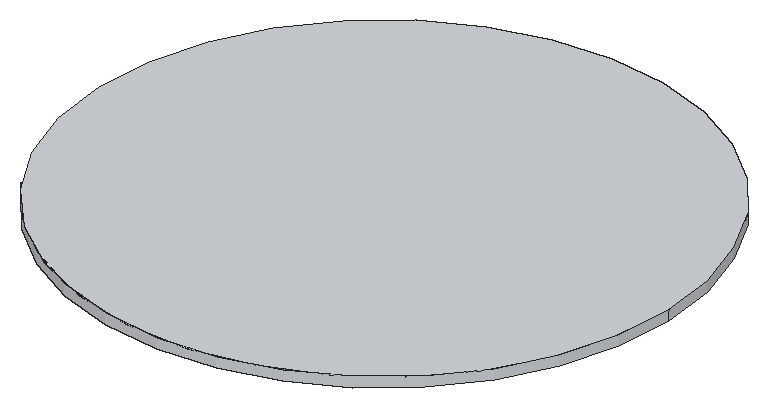
Revit family "CITY", category Lighting Fixtures, host Face, Revit 2023 (continued)
Types (10, lengths in mm): name | Radio | Photometric Web File | built-in parameter 1150142 | Manufacturer | LuxLight_Watios | LuxLight_Temperatura | LuxLight_Lumenes
    56 61.151314 55.808365 50.67062 45.540474 40.205124 35.135784 29.823235 24.837496 20.186165 15.02562 10.6783 6.77939 3.412496 2.14326 1.512442 1.102031 0.820823 0.668819 0.630818 0.623217\r\n 0.638418 0.653618 0.668819 0.69922 0.69922 0.744821 0.820823 0.851224 0.851224 0.858824 0.889225 0.919626 0.927226 0.950027 0.988028 0.995628 1.041229 1.07923 1.102031 1.140032 1.140032 1.162832 1.200834 1.231234 1.261635 1.284436\r\n 1.322437 1.337637 1.360438 1.43644 1.44404 1.482041 1.497242 1.527643 1.565644 1.580844 1.603645 1.634046 1.656846 1.672047 1.710048 1.755649 1.79365 1.824051 1.877253 1.884853 1.884853 1.930454 1.976055 2.006456 2.029257 2.052058\r\n 2.090059 2.082458 2.112859 2.12806 2.12806 2.181261 2.196461 2.226862 2.257263 2.264863 2.302865 2.287664 2.295264 2.310465 2.333265 2.333265 2.386467 2.378867 2.378867 2.416868 2.447269 2.447269 2.454869 2.462469 2.477669 2.477669\r\n 2.50807 2.50807 2.523271 2.515671 2.515671 2.546071 2.546071 2.523271 2.553672 2.546071 2.568872 2.530871\r\n276.611633 276.20694 276.085327 275.819336 275.507721 275.066895 274.527283 273.957245 273.204865 272.40683 271.441589 270.369965 269.321136 268.112701 266.805481 265.369049 263.788177 262.283356 260.634094 258.764465 256.902405 254.96434\r\n 252.859085 250.71582 248.367355 246.178497 243.792038 241.207962 238.654282 235.956207 233.204926 230.461258 227.413574 224.601486 221.622208 218.338913 215.177231 211.909134 208.405441 204.985336 201.246033 197.719543 194.193054\r\n 190.14212 186.570038 182.351913 178.582199 174.592102 170.161163 166.034256 162.021332 157.354813 153.250687 148.492966 144.107651 139.851517 134.918991 130.586868 125.920326 121.05619 116.328857 111.396324 106.608185 101.797256 96.758308\r\n 91.856171 87.007233 81.839088 77.058556 71.533203 66.65387 61.599724 56.233974 51.141834 46.072491 40.737141 35.690601 30.416052 25.673519 20.839783 15.71724 11.42312 7.463409 3.5645 2.15086 1.527643 1.109631 0.843624 0.691619 0.661219\r\n 0.668819 0.691619 0.70682 0.71442 0.71442 0.737221 0.775222 0.820823 0.828423 0.866424 0.881625 0.889225 0.904425 0.934826 0.965227 0.972827 1.010828 1.026029 1.048829 1.07923 1.109631 1.124831 1.162832 1.185633 1.223634 1.231234\r\n 1.284436 1.299636 1.345238 1.368038 1.406039 1.459241 1.474441 1.497242 1.527643 1.550443 1.565644 1.596045 1.634046 1.664447 1.710048 1.740449 1.755649 1.79365 1.808851 1.862052 1.915254 1.892453 1.938054 1.968455 1.998856 1.998856\r\n 2.044457 2.074858 2.105259 2.120459 2.14326 2.15086 2.158461 2.188861 2.181261 2.188861 2.196461 2.219262 2.234463 2.264863 2.295264 2.295264 2.333265 2.310465 2.340866 2.371267 2.409267 2.409267 2.424468 2.439668 2.439668 2.454869\r\n 2.49287 2.462469 2.462469 2.462469 2.477669 2.50807 2.49287 2.49287 2.530871 2.515671 2.523271 2.546071 2.530871\r\n276.611633 276.404541 276.320953 276.108124 275.781311 275.370911 274.838898 274.177704 273.417664 272.650024 271.791199 270.613159 269.609924 268.447113 267.048676 265.718658 264.107391 262.587341 260.930511 259.121674 257.343201\r\n 255.374756 253.140289 251.187027 248.815781 246.444504 244.080841 241.511963 238.9431 236.427429 233.539352 230.833664 227.702377 224.882706 221.819809 218.589722 215.443237 212.099136 208.633438 205.175354 201.534851 198.091949 194.641449\r\n 190.529739 186.699234 182.655914 178.734207 174.911301 170.487976 166.38385 162.135345 157.71962 153.3647 148.766571 144.373642 139.919922 135.207779 130.632462 126.019135 121.132195 116.420059 111.434319 106.554985 101.918854 96.59111\r\n 91.871368 86.87043 81.436279 76.610146 71.069588 66.228256 61.120914 55.808365 50.799824 45.80648 40.600338 35.895805 30.522455 25.916727 21.128592 16.142853 12.061538 8.117027 4.64373 2.333265 1.588444 1.178033 0.881625 0.72962 0.676419\r\n 0.661219 0.676419 0.69922 0.69922 0.737221 0.72962 0.737221 0.767622 0.813223 0.828423 0.858824 0.881625 0.904425 0.927226 0.965227 0.972827 1.003228 0.995628 1.041229 1.102031 1.117231 1.147632 1.178033 1.200834 1.238835 1.254035\r\n 1.299636 1.307237 1.322437 1.345238 1.383239 1.398439 1.44404 1.474441 1.512442 1.520043 1.512442 1.527643 1.580844 1.596045 1.618845 1.664447 1.679647 1.710048 1.77845 1.808851 1.79365 1.824051 1.862052 1.900053 1.922854 1.960855\r\n 2.006456 2.006456 2.029257 2.006456 2.014056 2.052058 2.074858 2.12806 2.158461 2.166061 2.196461 2.219262 2.234463 2.257263 2.264863 2.264863 2.310465 2.333265 2.340866 2.386467 2.378867 2.401667 2.409267 2.424468 2.439668 2.454869\r\n 2.49287 2.477669 2.49287 2.49287 2.50807 2.515671 2.515671 2.515671 2.50807 2.530871 2.523271 2.530871 2.530871\r\n276.611633 276.564148 276.472961 276.20694 275.940918 275.560913 274.930084 274.33728 273.546875 272.733643 271.874817 270.742401 269.655579 268.485107 267.139862 265.809845 264.19101 262.572144 261.021729 259.07605 257.221588 255.374756\r\n 253.193497 251.012238 248.747375 246.43689 244.080841 241.504364 239.011505 236.465424 233.524139 230.636047 227.649185 224.829498 221.789413 218.369324 215.245621 212.03833 208.496643 205.084152 201.428452 197.84874 194.337448 190.225723\r\n 186.577637 182.291107 178.582199 174.56929 170.153564 166.041855 161.770538 157.278809 153.068283 148.249756 143.689621 139.258713 134.219757 129.728027 124.977905 119.672951 115.029221 109.693878 104.996948 99.996002 94.797455 89.819321\r\n 84.787971 79.293022 74.383286 69.017532 63.917789 59.076454 53.551098 48.49696 43.716423 38.350677 33.699341 28.409595 23.803867 19.28174 15.094023 11.506722 8.018225 4.795734 2.325665 1.596045 1.193233 0.950027 0.737221 0.676419\r\n 0.691619 0.72962 0.72962 0.69922 0.72962 0.71442 0.72962 0.752421 0.767622 0.813223 0.843624 0.866424 0.881625 0.904425 0.919626 0.972827 1.010828 1.010828 1.041229 1.102031 1.117231 1.140032 1.185633 1.223634 1.223634 1.284436 1.337637\r\n 1.375638 1.406039 1.43644 1.482041 1.451641 1.497242 1.535243 1.565644 1.603645 1.626446 1.664447 1.694847 1.740449 1.740449 1.77845 1.78605 1.824051 1.854452 1.877253 1.900053 1.953255 1.960855 1.976055 1.998856 2.044457 2.074858\r\n 2.105259 2.112859 2.158461 2.181261 2.196461 2.226862 2.249663 2.264863 2.287664 2.302865 2.340866 2.340866 2.386467 2.386467 2.409267 2.416868 2.439668 2.447269 2.447269 2.477669 2.49287 2.50807 2.454869 2.454869 2.454869 2.462469\r\n 2.49287 2.50807 2.48527 2.49287 2.523271 2.515671 2.515671 2.530871 2.523271 2.553672 2.568872 2.530871\r\n276.611633 278.661804 278.547821 278.41861 278.114594 277.72699 277.217743 276.602142 275.766113 275.013702 274.109283 273.106049 271.950836 270.81839 269.473145 268.112701 266.547089 264.996613 263.362579 261.386536 259.684052 257.609192\r\n 255.473557 253.315094 250.974228 248.800568 246.406494 243.807236 241.291565 238.760681 235.713013 233.052933 229.914032 227.079163 223.970673 220.748184 217.548492 214.295593 210.715912 207.280609 203.632507 200.182022 196.526306\r\n 192.437393 188.812088 184.966385 180.885071 176.834152 172.517242 168.565109 164.271011 159.543671 155.333145 150.423416 146.053284 141.66037 136.545425 131.977692 127.181961 122.135422 117.309288 112.179146 107.185806 102.458466\r\n 97.085114 92.236183 87.197243 81.861893 76.997757 71.69281 66.684273 61.820133 56.302376 51.537041 46.513306 41.079151 36.38982 31.259676 26.631145 21.979816 17.138481 12.943162 9.469865 6.042169 3.237691 1.816451 1.307237 0.957627\r\n 0.71442 0.585216 0.532015 0.532015 0.570016 0.562416 0.585216 0.600417 0.570016 0.585216 0.623217 0.638418 0.668819 0.691619 0.72962 0.813223 0.828423 0.858824 0.896825 0.927226 0.957627 1.003228 1.048829 1.041229 1.109631 1.140032\r\n 1.162832 1.178033 1.223634 1.261635 1.284436 1.360438 1.337637 1.383239 1.375638 1.43644 1.474441 1.489642 1.512442 1.580844 1.603645 1.626446 1.641646 1.664447 1.694847 1.748049 1.755649 1.78605 1.824051 1.854452 1.862052 1.900053\r\n 1.938054 1.976055 1.991256 1.998856 2.029257 2.044457 2.090059 2.090059 2.120459 2.166061 2.181261 2.211662 2.234463 2.234463 2.226862 2.249663 2.264863 2.295264 2.295264 2.325665 2.333265 2.363666 2.378867 2.401667 2.386467 2.424468\r\n 2.462469 2.454869 2.462469 2.477669 2.48527 2.439668 2.462469 2.462469 2.454869 2.454869 2.439668 2.447269 2.454869 2.454869 2.530871\r\n276.611633 276.814941 276.784546 276.602142 276.260162 275.887726 275.302521 274.633698 273.911652 273.083252 272.224426 271.137604 270.103973 268.804352 267.542694 266.083435 264.586212 262.982544 261.394135 259.463654 257.593994\r\n 255.747177 253.4823 251.498642 249.051376 246.824509 244.597656 241.884369 239.285095 236.716232 233.75975 231.084473 228.006393 225.194305 222.154221 218.87854 215.686447 212.517151 208.846237 205.418549 201.755249 198.380753 194.960663\r\n 190.651337 187.07164 183.241119 179.182617 175.36731 170.921188 166.741074 162.773758 158.152832 154.018326 149.450577 144.97406 140.459534 135.587799 131.073273 126.361137 121.3526 116.556862 111.510323 106.638588 101.94165 96.530304\r\n 91.75737 86.976837 81.489479 76.670952 71.168388 66.334663 61.516125 56.036373 51.278637 46.270096 41.094353 36.207417 31.138071 26.562744 21.995016 17.541292 13.634783 10.093082 6.41458 3.792506 1.938054 1.451641 1.102031 0.828423\r\n 0.69922 0.653618 0.668819 0.653618 0.661219 0.653618 0.668819 0.737221 0.71442 0.737221 0.737221 0.790422 0.820823 0.866424 0.881625 0.919626 0.972827 1.003228 0.995628 1.048829 1.102031 1.124831 1.147632 1.185633 1.216034 1.193233\r\n 1.238835 1.254035 1.330037 1.337637 1.383239 1.44404 1.44404 1.489642 1.497242 1.565644 1.580844 1.596045 1.626446 1.656846 1.694847 1.710048 1.78605 1.808851 1.816451 1.824051 1.862052 1.900053 1.930454 1.960855 1.976055 1.998856\r\n 2.014056 2.067258 2.082458 2.112859 2.120459 2.158461 2.181261 2.188861 2.226862 2.249663 2.272464 2.310465 2.310465 2.340866 2.386467 2.371267 2.401667 2.401667 2.409267 2.439668 2.439668 2.454869 2.477669 2.49287 2.49287 2.523271\r\n 2.530871 2.546071 2.553672 2.553672 2.561272 2.546071 2.530871 2.530871 2.48527 2.530871 2.515671 2.515671 2.553672 2.530871\r\n276.611633 276.191742 276.009308 275.773712 275.44693 275.059296 274.512085 273.934448 273.106049 272.33844 271.411194 270.324371 269.207123 268.036713 266.592682 265.255005 263.658997 262.085754 260.398499 258.52124 256.613617 254.713547\r\n 252.562683 250.518219 248.146957 245.88208 243.518417 240.911545 238.297073 235.83461 232.946533 230.20285 226.99556 224.183487 221.082596 217.920898 214.80481 211.582321 208.147034 204.742142 201.071228 197.53714 194.063828 189.990128\r\n 186.220413 182.382309 178.316193 174.561676 170.107956 166.125458 161.998535 157.605606 153.319092 148.781769 144.38884 140.125122 135.268585 130.928864 126.53595 121.489403 117.05088 111.928337 107.406204 102.633278 97.601929 92.775803\r\n 88.071266 82.94873 77.962982 72.77964 67.8395 63.134972 57.89082 52.965885 48.25375 42.9184 38.039063 33.182529 28.401995 23.91787 18.871328 14.364403 10.305889 6.353778 3.252891 1.976055 1.459241 1.041229 0.820823 0.691619 0.653618\r\n 0.661219 0.661219 0.691619 0.691619 0.70682 0.72962 0.737221 0.767622 0.805623 0.813223 0.843624 0.851224 0.881625 0.919626 0.965227 0.988028 1.003228 1.026029 1.041229 1.07923 1.147632 1.178033 1.193233 1.231234 1.254035 1.292036\r\n 1.360438 1.368038 1.383239 1.42124 1.474441 1.497242 1.535243 1.535243 1.565644 1.603645 1.634046 1.672047 1.679647 1.740449 1.755649 1.77845 1.808851 1.816451 1.862052 1.922854 1.900053 1.953255 1.976055 1.998856 2.044457 2.044457\r\n 2.082458 2.120459 2.166061 2.166061 2.196461 2.211662 2.219262 2.257263 2.272464 2.287664 2.302865 2.310465 2.340866 2.371267 2.409267 2.409267 2.409267 2.439668 2.439668 2.454869 2.439668 2.462469 2.48527 2.523271 2.546071 2.553672\r\n 2.561272 2.546071 2.50807 2.523271 2.515671 2.515671 2.523271 2.530871 2.530871 2.530871 2.530871 2.530871\r\n276.611633 275.978912 275.842133 275.644531 275.24173 274.89209 274.177704 273.615265 272.771637 271.966034 270.932404 269.837982 268.758728 267.611115 266.167053 264.821808 263.126984 261.584137 259.90448 258.057648 256.195557 254.280319\r\n 252.045868 250.031799 247.584549 245.327271 242.971207 240.311127 237.863861 235.287399 232.323318 229.610046 226.501541 223.704666 220.656982 217.373688 214.364014 211.156723 207.577011 204.225327 200.577209 196.989929 193.509018\r\n 189.541718 185.72641 182.093491 177.852585 173.968872 169.621552 165.699844 161.504532 157.126801 152.863083 148.356155 144.160843 139.752716 135.063385 130.518463 126.125534 121.086594 116.678467 111.578728 107.079399 102.321671\r\n 97.320724 92.524994 87.866066 82.81192 78.107391 72.734039 67.831902 63.157768 57.769218 53.095089 48.094147 42.857601 38.099869 32.703716 28.037186 23.446655 18.316513 13.786786 9.705472 5.753361 2.720876 1.968455 1.451641 1.07163\r\n 0.820823 0.71442 0.676419 0.676419 0.668819 0.691619 0.72962 0.744821 0.767622 0.805623 0.820823 0.866424 0.881625 0.881625 0.972827 0.995628 0.965227 0.988028 1.033629 1.033629 1.048829 1.07163 1.117231 1.124831 1.155232 1.193233\r\n 1.223634 1.261635 1.299636 1.345238 1.375638 1.43644 1.459241 1.489642 1.527643 1.550443 1.588444 1.603645 1.626446 1.626446 1.672047 1.710048 1.710048 1.710048 1.77845 1.808851 1.831651 1.877253 1.892453 1.922854 1.953255 1.976055\r\n 1.991256 2.029257 2.029257 2.074858 2.112859 2.15086 2.15086 2.166061 2.211662 2.249663 2.264863 2.272464 2.295264 2.310465 2.363666 2.340866 2.378867 2.401667 2.409267 2.409267 2.416868 2.439668 2.447269 2.48527 2.48527 2.48527 2.447269\r\n 2.454869 2.447269 2.462469 2.462469 2.49287 2.48527 2.515671 2.50807 2.515671 2.515671 2.515671 2.530871 2.599273 2.530871\r\n276.611633 275.963715 275.85733 275.591309 275.226532 274.747681 274.147278 273.486053 272.619629 271.821625 270.864014 269.739166 268.591553 267.405884 266.015045 264.616608 262.906555 261.340912 259.638458 257.730835 255.929565 253.999115\r\n 251.772247 249.697388 247.288132 245.061264 242.651993 240.014725 237.567459 234.930176 232.019302 229.30603 226.151932 223.339859 220.337784 217.092484 213.976395 210.791901 207.166595 203.928909 200.151596 196.746704 193.227814\r\n 189.078094 185.460388 181.652679 177.54097 173.77887 169.401138 165.441437 161.306915 156.875992 152.635071 148.112946 143.742828 139.509506 134.858185 130.313248 125.950722 120.896591 116.458069 111.593925 106.912201 102.169662 97.161125\r\n 92.342583 87.744453 82.431915 77.77298 72.718834 67.786301 63.096966 57.700817 52.965885 47.980145 42.675194 37.651451 32.452908 27.809177 22.998245 18.073305 13.452376 9.27986 5.282148 2.743677 1.938054 1.42124 1.07163 0.820823 0.691619\r\n 0.676419 0.661219 0.668819 0.69922 0.71442 0.744821 0.752421 0.767622 0.775222 0.820823 0.843624 0.866424 0.881625 0.904425 0.927226 0.957627 0.965227 0.995628 1.026029 1.06403 1.07923 1.124831 1.155232 1.193233 1.238835 1.269235\r\n 1.292036 1.299636 1.330037 1.368038 1.383239 1.43644 1.459241 1.474441 1.520043 1.550443 1.580844 1.603645 1.618845 1.641646 1.694847 1.748049 1.755649 1.77845 1.816451 1.862052 1.884853 1.892453 1.900053 1.953255 1.976055 1.998856\r\n 2.052058 2.074858 2.105259 2.12806 2.15086 2.14326 2.166061 2.196461 2.211662 2.226862 2.234463 2.272464 2.295264 2.325665 2.310465 2.302865 2.302865 2.325665 2.333265 2.363666 2.386467 2.386467 2.401667 2.439668 2.454869 2.462469\r\n 2.477669 2.48527 2.477669 2.49287 2.49287 2.48527 2.50807 2.515671 2.523271 2.523271 2.515671 2.561272 2.530871\r\n" | "" | 10 W | 4000 K | 760 lm
